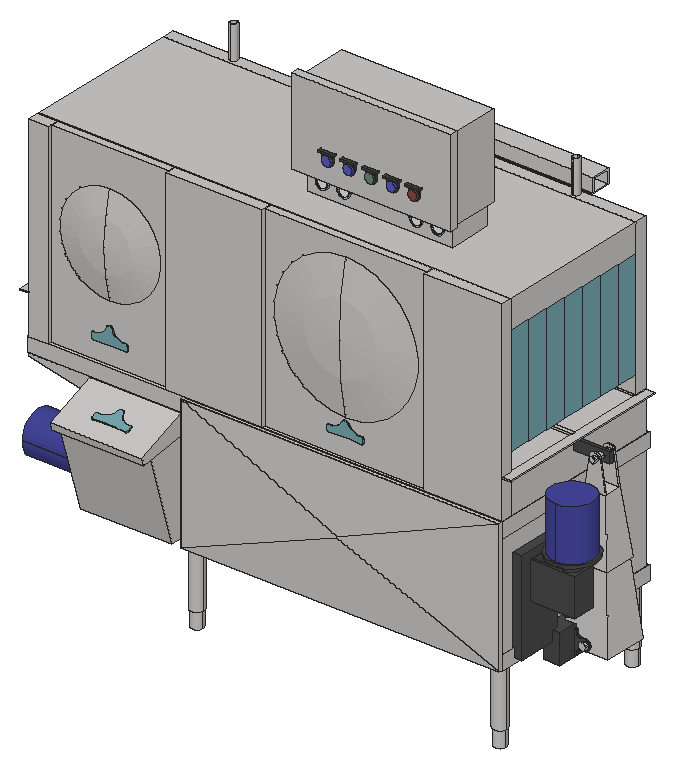
Revit family (continued)
Dimensions and locks (in)
  locked: plane 5 "RIGHT" to Extrusion 42 sketch curve at 1.375
  locked: plane 5 "RIGHT" to Extrusion 42 sketch curve at 7.625
  locked: plane 5 "RIGHT" to Extrusion 42 sketch curve at 6
  locked: plane 5 "RIGHT" to Extrusion 43 sketch curve at 6
  locked: plane 5 "RIGHT" to Extrusion 46 sketch curve at 6
  locked: plane 5 "RIGHT" to Extrusion 47 sketch curve at 6
  locked: plane 5 "RIGHT" to Blend 45 sketch curve at 6
  locked: Extrusion 58 sketch curve to plane 3 "BACK" at 0.75
  locked: plane 43 to plane 22 "Door Center" at 14.5
  locked: plane 43 to plane 44 at 29
  locked: plane 46 to plane 13 "Top of Machine" at 2
  locked: plane 45 to plane 3 "BACK" at 3
  Extrusion 61 sketch curve to plane 13 "Top of Machine" = 1' - 1"
  locked: plane 30 to Extrusion 61 sketch curve at 1
  Extrusion 62 sketch curve to plane 3 "BACK" = 0' - 3"
  locked: plane 47 to plane 3 "BACK" at 5
  locked: plane 48 to plane 13 "Top of Machine" at 29
  locked: plane 49 to plane 51 at 0.125
  locked: plane 52 to plane 50 at 3.875
  locked: plane 54 "LEFT" to plane 56 at 0.25
  "Width": plane 54 "LEFT" to plane 5 "RIGHT"
  locked: plane 53 "Left of Middle" to plane 54 "LEFT" at 0.125
  locked: plane 55 to plane 54 "LEFT" at 1.25
  "Single Door Opening": plane 58 to plane 57
  locked: Extrusion 78 sketch curve to plane 21 at 1.125
  plane 59 "Left of Bin" to plane 2 "Left of Bottom" = 1' - 0 15/16"
  locked: plane 60 to plane 53 "Left of Middle" at 2.5
  locked: plane 61 to level at 13.625
  locked: Extrusion 30 sketch curve to plane 22 "Door Center" at 1
  locked: plane 22 "Door Center" to Extrusion 35 sketch curve at 0.75
  locked: plane 22 "Door Center" to Extrusion 88 sketch curve at 6
  locked: plane 22 "Door Center" to Extrusion 31 sketch curve at 3
  locked: Extrusion 30 to Extrusion 32 sketch curve at 1
  locked: Extrusion 33 sketch curve to plane 22 "Door Center" at 3
  locked: Extrusion 34 sketch curve to plane 22 "Door Center" at 6
  locked: Extrusion 58 sketch curve to plane 5 "RIGHT" at 9
  locked: plane 54 "LEFT" to Extrusion 90 sketch curve at 28
  locked: plane 54 "LEFT" to Extrusion 91 sketch curve at 9
  locked: Extrusion 62 sketch curve to plane 5 "RIGHT" at 28
  locked: plane 62 to level at 8.5
  locked: plane 6 "FRONT" to plane 64 at 7
  locked: plane 49 to plane 54 "LEFT" at 10
  equal spacing: plane 23, plane 22 "Door Center", plane 24
  locked: plane 23 to plane 65 at 0.25
  locked: plane 66 to plane 24 at 0.25
  locked: plane 22 "Door Center" to plane 69 at 0.0625
  locked: plane 68 to plane 22 "Door Center" at 0.0625
  locked: plane 67 "Left Handle" to plane 22 "Door Center" at 1.4375
  locked: plane 22 "Door Center" to plane 70 "Right Handle" at 1.4375
  locked: plane 58 to plane 71 at 0.25
  locked: plane 73 to plane 57 at 0.125
  locked: plane 72 "Small Door Handle" to plane 57 at 1.4375
  locked: plane 13 "Top of Machine" to plane 74 "Top Hinge" at 3.0625
  locked: plane 74 "Top Hinge" to plane 75 at 3
  locked: plane 76 "Bottom Hinge" to plane 77 at 3
  locked: plane 75 to plane 76 "Bottom Hinge" at 13.625
  locked: plane 54 "LEFT" to plane 58 at 2.6875
  locked: plane 54 "LEFT" to Extrusion 93 sketch curve at 17.1875
  locked: Sweep 92 sketch curve to plane 54 "LEFT" at 11.5625
  aligned and locked: level to plane 1
  aligned and locked: Extrusion 1 sketch curve to plane 17
  aligned and locked: Extrusion 1 sketch curve to plane 18
  aligned and locked: plane 19 "Right of Bottom" to Extrusion 1 sketch curve
  aligned and locked: Extrusion 1 to plane 11 "Bottom of Machine"
  aligned and locked: plane 15 to Extrusion 1
  aligned and locked: plane 2 "Left of Bottom" to Extrusion 2 sketch curve
  aligned and locked: Extrusion 2 sketch curve to plane 5 "RIGHT"
  aligned and locked: plane 6 "FRONT" to Extrusion 2 sketch curve
  aligned and locked: plane 3 "BACK" to Extrusion 2 sketch curve
  aligned and locked: plane 14 "Panel Top" to Extrusion 2
  aligned and locked: Extrusion 2 to plane 15
  aligned and locked: plane 5 "RIGHT" to Extrusion 3 sketch curve
  aligned and locked: plane 6 "FRONT" to Extrusion 3 sketch curve
  aligned and locked: plane 8 "Right of Ledge" to Extrusion 3 sketch curve
  aligned and locked: plane 3 "BACK" to Extrusion 3 sketch curve
  aligned and locked: plane 3 "BACK" to Extrusion 4 sketch curve
  aligned and locked: Extrusion 4 sketch curve to plane 21
  aligned and locked: Extrusion 4 to plane 14 "Panel Top"
  aligned and locked: plane 3 "BACK" to Extrusion 5 sketch curve
  aligned and locked: plane 20 to Extrusion 5 sketch curve
  aligned and locked: Extrusion 6 sketch curve to plane 5 "RIGHT"
  aligned and locked: Extrusion 6 sketch curve to plane 21
  aligned and locked: Extrusion 6 sketch curve to plane 20
  aligned and locked: plane 3 "BACK" to Extrusion 7 sketch curve
  aligned and locked: plane 20 to Extrusion 7 sketch curve
  aligned and locked: Extrusion 7 sketch curve to plane 5 "RIGHT"
  aligned and locked: Extrusion 7 to plane 12 "Table Height"
  aligned and locked: Extrusion 6 to plane 25 "Top of Opening"
  aligned and locked: Extrusion 8 sketch curve to plane 23
  aligned and locked: plane 14 "Panel Top" to Extrusion 8 sketch curve
  aligned and locked: Extrusion 8 to plane 21
  aligned and locked: Extrusion 8 sketch curve to plane 13 "Top of Machine"
  aligned and locked: plane 2 "Left of Bottom" to Blend 9 sketch curve
  aligned and locked: plane 11 "Bottom of Machine" to Blend 9 sketch curve
  aligned and locked: Blend 9 sketch curve to plane 14 "Panel Top"
  aligned and locked: Blend 9 sketch curve to plane 5 "RIGHT"
  aligned and locked: plane 6 "FRONT" to Extrusion 1 sketch curve
  aligned and locked: plane 2 "Left of Bottom" to Extrusion 10 sketch curve
  aligned and locked: Extrusion 10 sketch curve to plane 6 "FRONT"
  aligned and locked: plane 16 to Extrusion 10 sketch curve
  aligned and locked: Extrusion 10 sketch curve to plane 5 "RIGHT"
  aligned and locked: Extrusion 10 to plane 11 "Bottom of Machine"
  aligned and locked: plane 14 "Panel Top" to Extrusion 10
  aligned and locked: plane 24 to Extrusion 11 sketch curve
  aligned and locked: Extrusion 11 sketch curve to plane 13 "Top of Machine"
  aligned and locked: Extrusion 11 sketch curve to plane 5 "RIGHT"
  aligned and locked: plane 14 "Panel Top" to Extrusion 11 sketch curve
  aligned and locked: Extrusion 11 to plane 21
  aligned and locked: Extrusion 12 sketch curve to plane 24
  aligned and locked: plane 21 to Extrusion 12 sketch curve
  aligned and locked: plane 23 to Extrusion 12 sketch curve
  aligned and locked: Extrusion 12 to plane 14 "Panel Top"
  aligned and locked: plane 26 to Extrusion 14
  aligned and locked: Extrusion 15 to plane 26
  aligned and locked: plane 11 "Bottom of Machine" to Extrusion 15
  aligned and locked: plane 21 to Extrusion 22 sketch curve
  aligned and locked: plane 5 "RIGHT" to Extrusion 22 sketch curve  (x7)
  aligned and locked: plane 20 to Extrusion 22 sketch curve
  aligned and locked: Extrusion 23 sketch curve to plane 32
  aligned and locked: plane 31 "Front of Lower Panel" to Extrusion 23 sketch curve
  aligned and locked: plane 27 to Extrusion 23 sketch curve
  aligned and locked: plane 28 to Extrusion 23 sketch curve
  aligned and locked: Extrusion 24 sketch curve to plane 34 "Back of Panel"
  aligned and locked: plane 33 to Extrusion 24 sketch curve
  aligned and locked: plane 36 to Extrusion 24 sketch curve
  aligned and locked: Extrusion 24 sketch curve to plane 37
  aligned and locked: Extrusion 25 sketch curve to plane 33
  aligned and locked: plane 35 "Front of Upper Panel" to Extrusion 25 sketch curve
  aligned and locked: plane 29 to Extrusion 25 sketch curve
  aligned and locked: Extrusion 25 sketch curve to plane 30
  aligned and locked: Extrusion 27 sketch curve to Extrusion 26  (x2)
  aligned and locked: Extrusion 29 sketch curve to Extrusion 28  (x2)
  aligned and locked: Extrusion 37 sketch curve to plane 13 "Top of Machine"
  aligned and locked: Extrusion 37 sketch curve to plane 6 "FRONT"
  aligned and locked: plane 21 to Extrusion 37 sketch curve
  aligned and locked: plane 20 to Extrusion 37 sketch curve
  aligned and locked: plane 3 "BACK" to Extrusion 37 sketch curve
  aligned and locked: plane 6 "FRONT" to Extrusion 38 sketch curve
  aligned and locked: Extrusion 38 sketch curve to plane 13 "Top of Machine"
  aligned and locked: plane 3 "BACK" to Extrusion 38 sketch curve
  aligned and locked: plane 20 to Extrusion 38 sketch curve
  aligned and locked: plane 25 "Top of Opening" to Extrusion 38 sketch curve
  aligned and locked: plane 21 to Extrusion 38 sketch curve
  aligned and locked: Extrusion 38 to plane 38
  aligned and locked: plane 38 to Extrusion 37
  aligned and locked: Extrusion 39 sketch curve to plane 10
  aligned and locked: plane 39 to Extrusion 39 sketch curve
  aligned and locked: plane 40 to Extrusion 39 sketch curve
  aligned and locked: Extrusion 39 sketch curve to plane 41
  aligned and locked: Extrusion 40 sketch curve to Extrusion 39  (x4)
  aligned and locked: Extrusion 44 sketch curve to Extrusion 42
  aligned and locked: Blend 45 sketch curve to Extrusion 44  (x2)
  aligned and locked: Extrusion 54 sketch curve to Extrusion 52  (x2)
  aligned and locked: Extrusion 41 to plane 5 "RIGHT"
  aligned and locked: Extrusion 48 to plane 5 "RIGHT"
  aligned: nested 1 to cut or joined group of Extrusion 37, Extrusion 40
  aligned and locked: plane 10 to nested 1
  aligned and locked: plane 39 to nested 1
  aligned and locked: plane 41 to nested 1
  aligned and locked: nested 1 to plane 40
  aligned and locked: Extrusion 59 to plane 43
  aligned and locked: Extrusion 59 to plane 44
  aligned and locked: Extrusion 60 to plane 44
  aligned and locked: Extrusion 60 to plane 43
  aligned and locked: plane 3 "BACK" to curve 1
  aligned and locked: curve 3 to plane 5 "RIGHT"
  aligned and locked: plane 6 "FRONT" to curve 2
  aligned and locked: curve 5 to plane 9 "Right End Cowl"
  aligned and locked: plane 43 to curve 7
  aligned and locked: plane 44 to curve 9
  aligned and locked: curve 8 to plane 45
  aligned and locked: plane 8 "Right of Ledge" to curve 10
  aligned and locked: curve 11 to plane 34 "Back of Panel"
  aligned and locked: plane 33 to curve 13
  aligned and locked: plane 36 to curve 12
  aligned and locked: curve 14 to plane 37
  aligned and locked: plane 29 to curve 18
  aligned and locked: plane 35 "Front of Upper Panel" to curve 17
  aligned and locked: curve 16 to plane 30
  aligned and locked: plane 41 to curve 22
  aligned and locked: curve 23 to plane 39
  aligned and locked: plane 10 to curve 21
  aligned and locked: curve 20 to plane 40
  aligned and locked: Extrusion 63 sketch curve to plane 17  (x2)
  aligned and locked: plane 47 to Extrusion 63 sketch curve
  aligned and locked: plane 44 to Extrusion 63 sketch curve
  aligned and locked: Extrusion 63 sketch curve to plane 45
  aligned and locked: plane 43 to Extrusion 63 sketch curve
  aligned: plane 42 "Top of Vents" to Extrusion 63
  aligned and locked: plane 4 "TOP" to Extrusion 63
  aligned and locked: plane 13 "Top of Machine" to Extrusion 64 sketch curve
  aligned and locked: Extrusion 64 sketch curve to plane 24
  aligned and locked: plane 23 to Extrusion 64 sketch curve
  aligned and locked: Extrusion 64 sketch curve to plane 48
  aligned and locked: Extrusion 64 to plane 21
  aligned and locked: Extrusion 63 sketch curve to plane 8 "Right of Ledge"
  aligned and locked: Extrusion 65 sketch curve to plane 47
  aligned and locked: Extrusion 65 sketch curve to plane 8 "Right of Ledge"
  aligned and locked: plane 17 to Extrusion 65 sketch curve
  aligned and locked: Extrusion 65 sketch curve to plane 9 "Right End Cowl"
  aligned and locked: plane 4 "TOP" to Extrusion 65
  aligned and locked: curve 26 to plane 9 "Right End Cowl"
  aligned and locked: curve 25 to plane 47
  aligned and locked: Extrusion 67 sketch curve to Extrusion 66  (x2)
  aligned and locked: Extrusion 69 sketch curve to Extrusion 68  (x2)
  aligned and locked: Extrusion 70 to plane 51
  aligned and locked: plane 51 to Extrusion 71
  aligned and locked: plane 52 to Extrusion 72 sketch curve
  aligned and locked: Extrusion 72 sketch curve to plane 50
  aligned and locked: curve 27 to plane 49
  aligned and locked: curve 31 to plane 50
  aligned and locked: plane 52 to curve 29
  aligned and locked: plane 49 to Extrusion 73 sketch curve
  aligned and locked: plane 49 to curve 32
  aligned and locked: Extrusion 74 sketch curve to plane 55
  aligned and locked: plane 6 "FRONT" to Extrusion 75 sketch curve
  aligned and locked: Extrusion 75 sketch curve to plane 17
  aligned and locked: plane 19 "Right of Bottom" to Extrusion 75 sketch curve
  aligned and locked: plane 14 "Panel Top" to Extrusion 75
  aligned and locked: Extrusion 75 sketch curve to plane 53 "Left of Middle"
  aligned and locked: plane 54 "LEFT" to Extrusion 7 sketch curve
  aligned and locked: plane 54 "LEFT" to Extrusion 6 sketch curve
  aligned and locked: Extrusion 4 sketch curve to plane 5 "RIGHT"
  aligned and locked: plane 54 "LEFT" to Extrusion 4 sketch curve
  aligned and locked: Extrusion 5 sketch curve to plane 5 "RIGHT"
  aligned and locked: plane 54 "LEFT" to Extrusion 5 sketch curve
  aligned and locked: plane 57 to Extrusion 8 sketch curve
  aligned and locked: plane 54 "LEFT" to Extrusion 77 sketch curve
  aligned and locked: Extrusion 77 sketch curve to plane 13 "Top of Machine"
  aligned and locked: Extrusion 77 sketch curve to plane 58
  aligned and locked: plane 14 "Panel Top" to Extrusion 77 sketch curve
  aligned and locked: Extrusion 77 to plane 21
  aligned and locked: Extrusion 77 to plane 6 "FRONT"
  aligned and locked: plane 13 "Top of Machine" to Extrusion 81 sketch curve
  aligned and locked: Extrusion 81 sketch curve to plane 57
  aligned and locked: plane 58 to Extrusion 81 sketch curve
  aligned and locked: Extrusion 81 sketch curve to plane 48
  aligned and locked: Extrusion 81 to plane 21
  aligned and locked: plane 58 to Extrusion 78 sketch curve
  aligned and locked: Extrusion 78 sketch curve to plane 57
  aligned and locked: plane 21 to Extrusion 78 sketch curve
  aligned and locked: Extrusion 78 to plane 14 "Panel Top"
  aligned and locked: plane 13 "Top of Machine" to Extrusion 78
  aligned and locked: plane 18 to Extrusion 82 sketch curve
  aligned and locked: plane 59 "Left of Bin" to Extrusion 82 sketch curve
  aligned and locked: Extrusion 82 to plane 3 "BACK"
  aligned and locked: plane 60 to Extrusion 87
  aligned and locked: Extrusion 94 sketch curve to Extrusion 93  (x2)
  aligned and locked: Extrusion 95 sketch curve to Extrusion 62  (x2)
  aligned and locked: plane 55 to Extrusion 73
  aligned and locked: Extrusion 63 to plane 55
  aligned and locked: plane 21 to Extrusion 97 sketch curve
  aligned and locked: plane 71 to Extrusion 97 sketch curve
  aligned and locked: plane 6 "FRONT" to Extrusion 97 sketch curve
  aligned and locked: Extrusion 97 sketch curve to plane 73
  aligned and locked: plane 65 to Extrusion 98 sketch curve
  aligned and locked: Extrusion 98 sketch curve to plane 68
  aligned and locked: plane 21 to Extrusion 98 sketch curve
  aligned and locked: plane 6 "FRONT" to Extrusion 98 sketch curve
  aligned and locked: plane 69 to Extrusion 99 sketch curve
  aligned and locked: Extrusion 99 sketch curve to plane 66
  aligned and locked: plane 21 to Extrusion 99 sketch curve
  aligned and locked: plane 6 "FRONT" to Extrusion 99 sketch curve
  aligned and locked: Extrusion 97 to plane 14 "Panel Top"
  aligned and locked: Extrusion 98 to plane 14 "Panel Top"
  aligned and locked: Extrusion 99 to plane 14 "Panel Top"
  aligned and locked: curve 58 to plane 58
  aligned and locked: curve 60 to plane 23
  aligned and locked: curve 64 to plane 24
Automatic sketch dimensions
  plane 61 to Blend 9 sketch curve = 0' - 5 19/32"
  Blend 9 sketch curve to Blend 9 sketch curve = 0' - 0 1/16"
  Revolve 13 sketch curve to plane 16 = 0' - 0"
  Revolve 13 sketch curve to plane 64 = 0' - 4 1/4"
  plane 41 to Revolve 13 sketch curve = 0' - 0 7/16"
  plane 31 "Front of Lower Panel" to Revolve 13 sketch curve = 0' - 2 3/4"
  Revolve 13 sketch curve to plane 75 = 0' - 5.68743"
  plane 47 to Revolve 13 sketch curve = 1' - 5.49935"
  Revolve 13 sketch curve to plane 75 = 0' - 5 15/16"  (x2)
  plane 70 "Right Handle" to Extrusion 30 sketch curve = 0' - 0 9/16"
  Extrusion 30 sketch curve to Extrusion 30 sketch curve = 0' - 2"  (x4)
  Extrusion 30 sketch curve to Extrusion 30 sketch curve = 0' - 1"  (x2)
  plane 67 "Left Handle" to Extrusion 30 sketch curve = 0' - 0 7/16"
  Extrusion 30 sketch curve to plane 67 "Left Handle" = 0' - 0 9/16"
  plane 42 "Top of Vents" to Extrusion 30 sketch curve = 0' - 2 3/4"  (x3)
  Extrusion 30 sketch curve to Extrusion 30 sketch curve = 0' - 0"  (x2)
  Extrusion 30 sketch curve to Extrusion 30 sketch curve = 0' - 0 1/4"  (x5)
  Extrusion 35 sketch curve to plane 22 "Door Center" = 0' - 0"
  plane 70 "Right Handle" to Extrusion 35 sketch curve = 0' - 0 13/16"
  Extrusion 35 sketch curve to Extrusion 35 sketch curve = 0' - 0 3/4"  (x4)
  Extrusion 35 sketch curve to Extrusion 35 sketch curve = 0' - 1 1/2"  (x2)
  Extrusion 35 sketch curve to plane 67 "Left Handle" = 0' - 0 13/16"
  Extrusion 35 sketch curve to Extrusion 35 sketch curve = 0' - 0"
  plane 42 "Top of Vents" to Extrusion 35 sketch curve = 0' - 1 7/8"  (x3)
  Extrusion 35 sketch curve to Extrusion 35 sketch curve = 0' - 0 7/8"  (x5)
  Extrusion 36 sketch curve to plane 22 "Door Center" = 0' - 0"
  plane 22 "Door Center" to Extrusion 36 sketch curve = 0' - 0.00035"
  plane 77 to Extrusion 36 sketch curve = 0' - 0.06267"
  plane 69 to Extrusion 36 sketch curve = 0' - 0.35719"
  plane 69 to Extrusion 36 sketch curve = 0' - 0.54876"
  plane 70 "Right Handle" to Extrusion 36 sketch curve = 0' - 0.50556"
  plane 70 "Right Handle" to Extrusion 36 sketch curve = 0' - 0.8056"
  Extrusion 36 sketch curve to Extrusion 36 sketch curve = 0' - 0.00341"  (x2)
  Extrusion 36 sketch curve to Extrusion 36 sketch curve = 0' - 0.25142"  (x2)
  plane 77 to Extrusion 36 sketch curve = 0' - 0.053"
  Extrusion 36 sketch curve to plane 68 = 0' - 0.54876"
  Extrusion 36 sketch curve to plane 67 "Left Handle" = 0' - 0.50556"
  Extrusion 36 sketch curve to plane 67 "Left Handle" = 0' - 0.8056"
  Extrusion 36 sketch curve to Extrusion 36 sketch curve = 0' - 0.93591"
  Extrusion 36 sketch curve to plane 77 = 0' - 0.87324"
  Extrusion 36 sketch curve to Extrusion 36 sketch curve = 0' - 0.48493"  (x2)
  Extrusion 36 sketch curve to Extrusion 36 sketch curve = 0' - 0.08323"
  plane 61 to Extrusion 36 sketch curve = 0' - 5.0469"
  Extrusion 39 sketch curve to plane 41 = 0' - 0 1/8"
  plane 40 to Extrusion 39 sketch curve = 0' - 0 1/8"
  Extrusion 39 sketch curve to plane 10 = 0' - 0 1/8"
  plane 39 to Extrusion 39 sketch curve = 0' - 0 1/8"
  Extrusion 43 sketch curve to plane 35 "Front of Upper Panel" = 0' - 0 3/16"
  Blend 45 sketch curve to plane 35 "Front of Upper Panel" = 0' - 0 3/16"
  Extrusion 46 sketch curve to plane 35 "Front of Upper Panel" = 0' - 0 3/16"
  Extrusion 47 sketch curve to plane 35 "Front of Upper Panel" = 0' - 0 3/16"
  Blend 55 sketch curve to plane 8 "Right of Ledge" = 0' - 0 5/16"
  Blend 55 sketch curve to plane 32 = 0' - 2 1/4"
  plane 34 "Back of Panel" to Blend 55 sketch curve = 0' - 1 3/4"
  Blend 55 sketch curve to plane 39 = 0' - 0 1/4"
  Blend 55 sketch curve to plane 10 = 0' - 0 1/4"
  Blend 55 sketch curve to plane 32 = 0' - 1 1/4"
  plane 34 "Back of Panel" to Blend 55 sketch curve = 0' - 0 3/4"
  Blend 55 sketch curve to plane 39 = 0' - 1 1/4"
  plane 39 to Blend 56 sketch curve = 0' - 0 1/2"
  plane 31 "Front of Lower Panel" to Blend 56 sketch curve = 0' - 3"
  plane 34 "Back of Panel" to Blend 56 sketch curve = 0' - 2 1/2"
  plane 8 "Right of Ledge" to Blend 56 sketch curve = 0' - 0 7/16"
  Blend 56 sketch curve to plane 8 "Right of Ledge" = 0' - 0 9/16"
  Blend 56 sketch curve to plane 32 = 0' - 2"
  plane 34 "Back of Panel" to Blend 56 sketch curve = 0' - 1 1/2"
  Blend 56 sketch curve to plane 39 = 0' - 0 1/2"
  Extrusion 66 sketch curve to Extrusion 66 sketch curve = 0' - 0"  (x2)
  Extrusion 66 sketch curve to plane 46 = 0' - 0 1/4"
  Extrusion 66 sketch curve to plane 67 "Left Handle" = 0' - 3 9/16"
  Extrusion 68 sketch curve to Extrusion 68 sketch curve = 0' - 0"  (x2)
  plane 46 to Extrusion 68 sketch curve = 0' - 0 1/4"
  Extrusion 68 sketch curve to plane 70 "Right Handle" = 0' - 3 9/16"
  Extrusion 72 sketch curve to plane 41 = 0' - 0"
  Extrusion 72 sketch curve to plane 40 = 0' - 0"
  plane 41 to Extrusion 72 sketch curve = 0' - 0 1/8"
  Extrusion 72 sketch curve to plane 40 = 0' - 0 1/8"
  Extrusion 72 sketch curve to plane 50 = 0' - 0 1/8"
  plane 52 to Extrusion 72 sketch curve = 0' - 0 1/8"
  Revolve 79 sketch curve to plane 16 = 0' - 0"
  Revolve 79 sketch curve to plane 64 = 0' - 4 1/4"
  plane 41 to Revolve 79 sketch curve = 0' - 0 7/16"
  plane 31 "Front of Lower Panel" to Revolve 79 sketch curve = 0' - 2 3/4"
  Revolve 79 sketch curve to plane 17 = 0' - 0.00039"
  Revolve 79 sketch curve to plane 75 = 0' - 6.0803"
  Revolve 79 sketch curve to plane 75 = 0' - 5 15/16"  (x2)
  Extrusion 85 sketch curve to Extrusion 85 sketch curve = 0' - 0.25483"
  Extrusion 85 sketch curve to Extrusion 85 sketch curve = 0' - 1.63184"  (x2)
  Extrusion 85 sketch curve to Extrusion 85 sketch curve = 0' - 0.41934"
  Extrusion 85 sketch curve to Extrusion 85 sketch curve = 0' - 0.42496"
  Extrusion 85 sketch curve to Extrusion 85 sketch curve = 0' - 0"  (x2)
  Extrusion 85 sketch curve to Extrusion 85 sketch curve = 0' - 1.22253"
  Extrusion 85 sketch curve to Extrusion 85 sketch curve = 0' - 1.51845"
  Extrusion 85 sketch curve to Extrusion 85 sketch curve = 0' - 0.00341"
  Extrusion 85 sketch curve to Extrusion 85 sketch curve = 0' - 0.25142"  (x2)
  Extrusion 85 sketch curve to Extrusion 85 sketch curve = 0' - 11.90119"
  Extrusion 85 sketch curve to Extrusion 85 sketch curve = 0' - 0.08323"
  Extrusion 85 sketch curve to Extrusion 85 sketch curve = 0' - 0.48493"  (x2)
  Extrusion 85 sketch curve to Extrusion 85 sketch curve = 0' - 1.96861"
  Extrusion 86 sketch curve to plane 35 "Front of Upper Panel" = 0' - 0"
  Extrusion 86 sketch curve to plane 61 = 0' - 0"
  Extrusion 87 sketch curve to plane 35 "Front of Upper Panel" = 0' - 0"
  Extrusion 87 sketch curve to plane 61 = 0' - 0"
  plane 42 "Top of Vents" to Extrusion 88 sketch curve = 0' - 1 7/8"
  Extrusion 90 sketch curve to Extrusion 90 sketch curve = 0' - 0"  (x2)
  Extrusion 90 sketch curve to plane 40 = 0' - 0 11/16"
  Extrusion 91 sketch curve to Extrusion 91 sketch curve = 0' - 0"  (x2)
  Extrusion 91 sketch curve to plane 40 = 0' - 0 11/16"
  Extrusion 93 sketch curve to Extrusion 93 sketch curve = 0' - 0"  (x2)
  Extrusion 93 sketch curve to plane 63 "Drain" = 0' - 1"
  plane 41 to Extrusion 96 sketch curve = 0' - 0 1/8"
  Extrusion 96 sketch curve to plane 40 = 0' - 0 1/8"
  Extrusion 96 sketch curve to plane 50 = 0' - 0 1/8"
  plane 52 to Extrusion 96 sketch curve = 0' - 0 1/8"
  curve 24 to plane 55 = 0' - 0"
  curve 36 to plane 6 "FRONT" = 0' - 0"
  curve 36 to plane 54 "LEFT" = 0' - 0"
  curve 37 to plane 6 "FRONT" = 0' - 0"
  curve 37 to plane 58 = 0' - 0"
  curve 41 to plane 59 "Left of Bin" = 0' - 0"
  curve 40 to plane 57 = 0' - 0"
  curve 43 to plane 18 = 0' - 0"
  plane 21 to curve 44 = 0' - 0"
  curve 44 to plane 23 = 0' - 0"
  curve 47 to plane 24 = 0' - 0"
  curve 25 to plane 8 "Right of Ledge" = 0' - 0"
  curve 42 to plane 64 = 0' - 0"
  curve 46 to plane 6 "FRONT" = 0' - 0"
  curve 39 to plane 6 "FRONT" = 0' - 0"
  curve 43 to plane 6 "FRONT" = 0' - 0"
  curve 44 to plane 6 "FRONT" = 0' - 0"
  curve 41 to plane 6 "FRONT" = 0' - 0"
  plane 21 to curve 38 = 0' - 0"
  plane 3 "BACK" to curve 36 = 0' - 0"
  curve 26 to plane 17 = 0' - 0"
  curve 32 to plane 17 = 0' - 0"
  plane 41 to curve 47 = 0' - 0 7/16"
  plane 41 to curve 40 = 0' - 0 7/16"
  Extrusion 5 sketch curve to plane 5 "RIGHT" = 0' - 0"
  Extrusion 5 sketch curve to plane 54 "LEFT" = 0' - 0"
  plane 32 to Extrusion 5 sketch curve = 0' - 0 1/4"
  Extrusion 5 sketch curve to plane 32 = 0' - 0 1/4"
  Extrusion 22 sketch curve to plane 35 "Front of Upper Panel" = 0' - 0 3/8"
  Extrusion 22 sketch curve to Extrusion 22 sketch curve = 0' - 0 1/8"  (x10)
  plane 31 "Front of Lower Panel" to Extrusion 22 sketch curve = 0' - 1 1/4"
  Extrusion 22 sketch curve to plane 32 = 0' - 1 5/8"
  Extrusion 22 sketch curve to plane 5 "RIGHT" = 0' - 0 1/8"  (x3)
  plane 34 "Back of Panel" to Extrusion 22 sketch curve = 0' - 1"
  Extrusion 22 sketch curve to Extrusion 22 sketch curve = 0' - 3"
  Extrusion 22 sketch curve to plane 63 "Drain" = 0' - 2 3/4"
  Extrusion 26 sketch curve to Extrusion 26 sketch curve = 0' - 0"  (x2)
  Extrusion 28 sketch curve to Extrusion 28 sketch curve = 0' - 0"  (x2)
  Extrusion 37 sketch curve to plane 40 = 0' - 0 1/16"
  plane 41 to Extrusion 37 sketch curve = 0' - 0 1/16"
  Extrusion 37 sketch curve to plane 13 "Top of Machine" = 0' - 0 1/8"
  Extrusion 37 sketch curve to plane 25 "Top of Opening" = 0' - 0.88572"
  Extrusion 37 sketch curve to Extrusion 37 sketch curve = 0' - 0.05178"  (x2)
  Extrusion 37 sketch curve to plane 75 = 0' - 0.32322"
  Extrusion 37 sketch curve to Extrusion 37 sketch curve = 0' - 0.17678"  (x2)
  plane 76 "Bottom Hinge" to Extrusion 37 sketch curve = 0' - 3.73928"
  Extrusion 37 sketch curve to Extrusion 37 sketch curve = 0' - 1 1/2"
  Extrusion 38 sketch curve to plane 25 "Top of Opening" = 0' - 0 15/16"
  Extrusion 38 sketch curve to plane 75 = 0' - 0 1/2"
  plane 76 "Bottom Hinge" to Extrusion 38 sketch curve = 0' - 3 11/16"
  plane 76 "Bottom Hinge" to Extrusion 38 sketch curve = 0' - 2 1/16"
  plane 19 "Right of Bottom" to Extrusion 41 sketch curve = 0' - 0"
  Extrusion 41 sketch curve to plane 5 "RIGHT" = 0' - 0"
  Extrusion 41 sketch curve to plane 15 = 0' - 0"
  plane 11 "Bottom of Machine" to Extrusion 41 sketch curve = 0' - 0 15/16"
  Extrusion 41 sketch curve to plane 14 "Panel Top" = 0' - 4 9/16"
  Extrusion 42 sketch curve to plane 21 = 0' - 1 5/8"
  Extrusion 42 sketch curve to plane 39 = 0' - 0 11/16"
  Extrusion 42 sketch curve to plane 35 "Front of Upper Panel" = 0' - 1 1/2"
  Extrusion 42 sketch curve to plane 35 "Front of Upper Panel" = 0' - 0 3/16"
  Extrusion 42 sketch curve to plane 31 "Front of Lower Panel" = 0' - 0 1/8"
  Extrusion 42 sketch curve to Extrusion 42 sketch curve = 0' - 0 1/4"
  Extrusion 48 sketch curve to plane 77 = 0' - 0"
  Extrusion 48 sketch curve to plane 5 "RIGHT" = 0' - 0"
  plane 10 to Extrusion 48 sketch curve = 0' - 1 3/16"
  Extrusion 48 sketch curve to plane 39 = 0' - 1 7/16"
  Extrusion 48 sketch curve to plane 77 = 0' - 0 3/4"
  Extrusion 48 sketch curve to plane 12 "Table Height" = 0' - 0 7/16"
  Extrusion 49 sketch curve to plane 15 = 0' - 0"
  plane 19 "Right of Bottom" to Extrusion 49 sketch curve = 0' - 0"
  Extrusion 49 sketch curve to plane 5 "RIGHT" = 0' - 0"
  Extrusion 49 sketch curve to plane 10 = 0' - 0 5/16"
  Extrusion 49 sketch curve to plane 62 = 0' - 0 1/16"
  plane 15 to Extrusion 49 sketch curve = 0' - 0 7/16"
  Extrusion 50 sketch curve to Extrusion 50 sketch curve = 0' - 0"  (x2)
  plane 11 "Bottom of Machine" to Extrusion 50 sketch curve = 0' - 0 7/16"
  plane 10 to Extrusion 50 sketch curve = 0' - 1 3/16"
  plane 10 to Extrusion 50 sketch curve = 0' - 0 9/16"  (x2)
  Extrusion 50 sketch curve to plane 11 "Bottom of Machine" = 0' - 0 5/16"
  plane 10 to Extrusion 50 sketch curve = 0' - 0 3/16"  (x2)
  Extrusion 50 sketch curve to plane 10 = 0' - 0 1/16"  (x2)
  Extrusion 50 sketch curve to Extrusion 50 sketch curve = 0' - 0 1/4"
  Extrusion 50 sketch curve to Extrusion 50 sketch curve = 0' - 0 5/16"
  Extrusion 50 sketch curve to plane 15 = 0' - 0 1/8"
  Extrusion 51 sketch curve to Extrusion 51 sketch curve = 0' - 0"  (x2)
  plane 11 "Bottom of Machine" to Extrusion 51 sketch curve = 0' - 0 7/16"
  plane 10 to Extrusion 51 sketch curve = 0' - 1 3/16"
  plane 10 to Extrusion 51 sketch curve = 0' - 0 9/16"  (x2)
  Extrusion 51 sketch curve to plane 11 "Bottom of Machine" = 0' - 0 5/16"
  plane 10 to Extrusion 51 sketch curve = 0' - 0 3/16"  (x2)
  Extrusion 51 sketch curve to plane 10 = 0' - 0 1/16"  (x2)
  Extrusion 51 sketch curve to Extrusion 51 sketch curve = 0' - 0 1/4"
  Extrusion 51 sketch curve to Extrusion 51 sketch curve = 0' - 0 5/16"
  Extrusion 51 sketch curve to plane 15 = 0' - 0 1/8"
  Extrusion 52 sketch curve to Extrusion 52 sketch curve = 0' - 0"  (x6)
  Extrusion 52 sketch curve to plane 77 = 0' - 0"
  plane 14 "Panel Top" to Extrusion 52 sketch curve = 0' - 0 3/16"
  Extrusion 52 sketch curve to plane 39 = 0' - 1 1/4"
  plane 77 to Extrusion 52 sketch curve = 0' - 0.13295"  (x2)
  plane 10 to Extrusion 52 sketch curve = 0' - 1.92562"
  Extrusion 52 sketch curve to Extrusion 52 sketch curve = 0' - 0.36312"
  Extrusion 52 sketch curve to Extrusion 52 sketch curve = 0' - 0 3/8"
  Extrusion 52 sketch curve to plane 10 = 0' - 0 1/4"
  Extrusion 53 sketch curve to Extrusion 53 sketch curve = 0' - 0"  (x6)
  Extrusion 53 sketch curve to plane 77 = 0' - 0"
  plane 14 "Panel Top" to Extrusion 53 sketch curve = 0' - 0 3/16"
  Extrusion 53 sketch curve to plane 39 = 0' - 1 1/4"
  plane 77 to Extrusion 53 sketch curve = 0' - 0.13295"  (x2)
  plane 10 to Extrusion 53 sketch curve = 0' - 1.92562"
  Extrusion 53 sketch curve to Extrusion 53 sketch curve = 0' - 0.36312"
  Extrusion 53 sketch curve to Extrusion 53 sketch curve = 0' - 0 3/8"
  Extrusion 53 sketch curve to plane 10 = 0' - 0 1/4"
  Extrusion 57 sketch curve to Extrusion 57 sketch curve = 0' - 0"  (x2)
  plane 11 "Bottom of Machine" to Extrusion 57 sketch curve = 0' - 0 7/16"
  plane 10 to Extrusion 57 sketch curve = 0' - 1 11/16"
  Extrusion 57 sketch curve to Extrusion 57 sketch curve = 0' - 0 1/2"
  Extrusion 58 sketch curve to Extrusion 58 sketch curve = 0' - 0"  (x2)
  Extrusion 59 sketch curve to plane 46 = 0' - 0"
  Extrusion 59 sketch curve to plane 13 "Top of Machine" = 0' - 0"
  Extrusion 59 sketch curve to plane 45 = 0' - 0"
  Extrusion 59 sketch curve to plane 45 = 0' - 0 1/8"
  Extrusion 59 sketch curve to plane 17 = 0' - 0 1/8"
  Extrusion 59 sketch curve to Extrusion 59 sketch curve = 0' - 0 1/8"
  plane 13 "Top of Machine" to Extrusion 59 sketch curve = 0' - 0 1/8"
  Extrusion 59 sketch curve to plane 46 = 0' - 0 1/8"
  Extrusion 60 sketch curve to plane 3 "BACK" = 0' - 0"
  Extrusion 60 sketch curve to plane 13 "Top of Machine" = 0' - 0"
  Extrusion 60 sketch curve to plane 3 "BACK" = 0' - 0 1/4"
  Extrusion 60 sketch curve to Extrusion 60 sketch curve = 0' - 0 1/8"
  Extrusion 62 sketch curve to Extrusion 62 sketch curve = 0' - 0"  (x2)
  curve 35 to plane 6 "FRONT" = 0' - 0"
  curve 3 to plane 6 "FRONT" = 0' - 0"
  curve 30 to plane 41 = 0' - 0"
  curve 29 to plane 40 = 0' - 0"
  plane 3 "BACK" to curve 34 = 0' - 0"
  plane 3 "BACK" to curve 3 = 0' - 0"
  curve 34 to plane 54 "LEFT" = 0' - 0"
  curve 35 to plane 54 "LEFT" = 0' - 0"
  curve 2 to plane 55 = 0' - 0"
  curve 1 to plane 55 = 0' - 0"
  Extrusion 63 sketch curve to plane 55 = 0' - 0"
  Extrusion 70 sketch curve to plane 6 "FRONT" = 0' - 0"
  Extrusion 70 sketch curve to plane 21 = 0' - 0"
  Extrusion 70 sketch curve to plane 20 = 0' - 0"
  Extrusion 70 sketch curve to plane 3 "BACK" = 0' - 0"
  Extrusion 70 sketch curve to plane 13 "Top of Machine" = 0' - 0"
  plane 41 to Extrusion 70 sketch curve = 0' - 0 1/16"
  Extrusion 70 sketch curve to plane 40 = 0' - 0 1/16"
  Extrusion 70 sketch curve to plane 13 "Top of Machine" = 0' - 0 1/8"
  Extrusion 70 sketch curve to plane 25 "Top of Opening" = 0' - 0.88572"
  Extrusion 70 sketch curve to Extrusion 70 sketch curve = 0' - 0.05178"  (x2)
  Extrusion 70 sketch curve to plane 75 = 0' - 0.32322"
  Extrusion 70 sketch curve to Extrusion 70 sketch curve = 0' - 0.17678"  (x2)
  plane 76 "Bottom Hinge" to Extrusion 70 sketch curve = 0' - 3.73928"
  Extrusion 70 sketch curve to Extrusion 70 sketch curve = 0' - 1 1/2"
  Extrusion 71 sketch curve to plane 6 "FRONT" = 0' - 0"
  Extrusion 71 sketch curve to plane 21 = 0' - 0"
  Extrusion 71 sketch curve to plane 20 = 0' - 0"
  Extrusion 71 sketch curve to plane 3 "BACK" = 0' - 0"
  Extrusion 71 sketch curve to plane 25 "Top of Opening" = 0' - 0"
  Extrusion 71 sketch curve to plane 13 "Top of Machine" = 0' - 0"
  Extrusion 71 sketch curve to plane 25 "Top of Opening" = 0' - 0 15/16"
  Extrusion 71 sketch curve to plane 75 = 0' - 0 1/2"
  plane 76 "Bottom Hinge" to Extrusion 71 sketch curve = 0' - 3 11/16"
  plane 76 "Bottom Hinge" to Extrusion 71 sketch curve = 0' - 2 1/16"
  Extrusion 73 sketch curve to plane 17 = 0' - 0"
  Extrusion 73 sketch curve to plane 55 = 0' - 0"
  Extrusion 73 sketch curve to plane 47 = 0' - 0"
  Extrusion 74 sketch curve to plane 6 "FRONT" = 0' - 0"
  plane 3 "BACK" to Extrusion 74 sketch curve = 0' - 0"
  Extrusion 74 sketch curve to plane 54 "LEFT" = 0' - 0"
  plane 21 to Extrusion 76 sketch curve = 0' - 0"
  Extrusion 76 sketch curve to plane 54 "LEFT" = 0' - 0"  (x7)
  Extrusion 76 sketch curve to plane 20 = 0' - 0"
  plane 35 "Front of Upper Panel" to Extrusion 76 sketch curve = 0' - 0 3/8"
  Extrusion 76 sketch curve to Extrusion 76 sketch curve = 0' - 0 1/8"  (x6)
  Extrusion 76 sketch curve to plane 31 "Front of Lower Panel" = 0' - 1 1/4"
  plane 32 to Extrusion 76 sketch curve = 0' - 1 5/8"
  Extrusion 76 sketch curve to plane 54 "LEFT" = 0' - 0 1/8"  (x7)
  Extrusion 76 sketch curve to plane 34 "Back of Panel" = 0' - 1"
  Extrusion 76 sketch curve to Extrusion 76 sketch curve = 0' - 3"
  plane 63 "Drain" to Extrusion 76 sketch curve = 0' - 2 3/4"
  Extrusion 80 sketch curve to plane 12 "Table Height" = 0' - 0.52785"
  Extrusion 80 sketch curve to Extrusion 80 sketch curve = 0' - 1.52338"
  Extrusion 80 sketch curve to Extrusion 80 sketch curve = 0' - 1.63184"  (x2)
  Extrusion 80 sketch curve to Extrusion 80 sketch curve = 0' - 0.00341"
  Extrusion 80 sketch curve to Extrusion 80 sketch curve = 0' - 0.25142"
  plane 77 to Extrusion 80 sketch curve = 0' - 0.29069"
  Extrusion 80 sketch curve to Extrusion 80 sketch curve = 0' - 0"
  plane 59 "Left of Bin" to Extrusion 80 sketch curve = 0' - 0.30694"
  plane 59 "Left of Bin" to Extrusion 80 sketch curve = 0' - 0.0069"
  plane 59 "Left of Bin" to Extrusion 80 sketch curve = 0' - 0.00349"
  Extrusion 80 sketch curve to Extrusion 80 sketch curve = 0' - 0.10326"
  Extrusion 80 sketch curve to Extrusion 80 sketch curve = 0' - 0.48493"  (x2)
  Extrusion 80 sketch curve to Extrusion 80 sketch curve = 0' - 0.08323"
  plane 61 to Extrusion 80 sketch curve = 0' - 5.0469"
  plane 11 "Bottom of Machine" to Extrusion 82 sketch curve = 0' - 0 15/16"
  Extrusion 82 sketch curve to plane 14 "Panel Top" = 0' - 2"
  Extrusion 84 sketch curve to Extrusion 84 sketch curve = 0' - 1.04649"
  Extrusion 89 sketch curve to plane 59 "Left of Bin" = 0' - 0"
  Extrusion 89 sketch curve to plane 54 "LEFT" = 0' - 0"
  Extrusion 89 sketch curve to plane 14 "Panel Top" = 0' - 4 1/4"
  Extrusion 89 sketch curve to plane 14 "Panel Top" = 0' - 2 3/8"
  Extrusion 89 sketch curve to plane 14 "Panel Top" = 0' - 2"
  Sweep 92 sketch curve to plane 62 = 0' - 0"
  plane 27 to Sweep 92 sketch curve = 0' - 4"
  plane 11 "Bottom of Machine" to Sweep 92 sketch curve = 0' - 0 1/2"
  Sweep 92 sketch curve to Sweep 92 sketch curve = 0' - 0 7/16"
  Sweep 92 sketch curve to Sweep 92 sketch curve = 0' - 0"  (x2)
  Sweep 92 sketch curve to plane 63 "Drain" = 0' - 1"
  profile plane to Sweep 92 sketch curve = 0' - 0"
  curve 59 to plane 6 "FRONT" = 0' - 0"
  curve 60 to plane 6 "FRONT" = 0' - 0"
  curve 58 to plane 6 "FRONT" = 0' - 0"
  curve 65 to plane 6 "FRONT" = 0' - 0"
  curve 61 to plane 6 "FRONT" = 0' - 0"
  curve 48 to plane 6 "FRONT" = 0' - 0"
  curve 64 to plane 6 "FRONT" = 0' - 0"
  plane 21 to curve 62 = 0' - 0"
  plane 21 to curve 63 = 0' - 0"
  plane 3 "BACK" to curve 48 = 0' - 0"
  curve 63 to plane 69 = 0' - 0"
  curve 62 to plane 68 = 0' - 0"
  curve 59 to plane 57 = 0' - 0"
  curve 48 to plane 55 = 0' - 0"
  Extrusion 100 sketch curve to plane 58 = 0' - 0"
  Extrusion 100 sketch curve to plane 6 "FRONT" = 0' - 0 1/4"
  Extrusion 101 sketch curve to plane 58 = 0' - 0"
  Extrusion 101 sketch curve to plane 6 "FRONT" = 0' - 0 1/4"
  Sweep 102 sketch curve to profile plane = 0' - 0"  (x2)
  curve 51 to plane 72 "Small Door Handle" = 0' - 0"
  curve 57 to plane 70 "Right Handle" = 0' - 0"
  curve 54 to plane 67 "Left Handle" = 0' - 0"
  curve 56 to plane 6 "FRONT" = 0' - 0"
  curve 53 to plane 6 "FRONT" = 0' - 0"
  curve 52 to plane 6 "FRONT" = 0' - 0"
  curve 50 to plane 6 "FRONT" = 0' - 0"
  curve 49 to plane 6 "FRONT" = 0' - 0"
  curve 55 to plane 6 "FRONT" = 0' - 0"
  curve 55 to plane 16 = 0' - 0 5/8"
  curve 54 to plane 16 = 0' - 0 5/8"
  curve 51 to plane 16 = 0' - 0 5/8"
  plane 70 "Right Handle" to curve 57 = 0' - 0 3/8"
  plane 67 "Left Handle" to curve 54 = 0' - 0 3/8"
  plane 72 "Small Door Handle" to curve 51 = 0' - 0 3/8"
  Sweep 103 sketch curve to plane 6 "FRONT" = 0' - 0"  (x2)
  Sweep 103 sketch curve to plane 16 = 0' - 0 1/8"  (x2)
  Sweep 103 sketch curve to Sweep 103 sketch curve = 0' - 0 1/2"
  plane 76 "Bottom Hinge" to Sweep 103 sketch curve = 0' - 2"
  Sweep 103 sketch curve to plane 75 = 0' - 2 7/8"
  Sweep 103 sketch curve to profile plane = 0' - 0"  (x2)
  Sweep 104 sketch curve to plane 6 "FRONT" = 0' - 0"  (x2)
  Sweep 104 sketch curve to plane 16 = 0' - 0 1/8"  (x2)
  Sweep 104 sketch curve to Sweep 104 sketch curve = 0' - 0 1/2"
  plane 76 "Bottom Hinge" to Sweep 104 sketch curve = 0' - 2"
  Sweep 104 sketch curve to plane 75 = 0' - 2 7/8"
  Sweep 104 sketch curve to profile plane = 0' - 0"  (x2)
  Extrusion 105 sketch curve to plane 23 = 0' - 0"
  Extrusion 105 sketch curve to plane 6 "FRONT" = 0' - 0 1/4"
  Extrusion 106 sketch curve to plane 23 = 0' - 0"
  Extrusion 106 sketch curve to plane 6 "FRONT" = 0' - 0 1/4"
  Extrusion 107 sketch curve to plane 24 = 0' - 0"
  Extrusion 107 sketch curve to plane 6 "FRONT" = 0' - 0 1/4"
  Extrusion 108 sketch curve to plane 24 = 0' - 0"
  Extrusion 108 sketch curve to plane 6 "FRONT" = 0' - 0 1/4"
  Extrusion 80 sketch curve to plane 59 "Left of Bin" = 0' - 0.24793"
  Extrusion 80 sketch curve to Extrusion 80 sketch curve = 0' - 1.51845"
  plane 59 "Left of Bin" to Extrusion 80 sketch curve = 0' - 2 1/4"
  Extrusion 80 sketch curve to Extrusion 80 sketch curve = 0' - 0.42496"
  plane 77 to Extrusion 80 sketch curve = 0' - 0.31157"
  Extrusion 80 sketch curve to Extrusion 80 sketch curve = 0' - 1.22253"
  Sweep 102 sketch curve to plane 6 "FRONT" = 0' - 0"  (x2)
  Sweep 102 sketch curve to plane 16 = 0' - 0 1/8"  (x2)
  Sweep 102 sketch curve to Sweep 102 sketch curve = 0' - 0 1/2"
  plane 76 "Bottom Hinge" to Sweep 102 sketch curve = 0' - 2"
  Sweep 102 sketch curve to plane 75 = 0' - 2 7/8"
  Extrusion 85 sketch curve to Extrusion 85 sketch curve = 0' - 1.52338"
  Extrusion 83 sketch curve to Extrusion 83 sketch curve = 0' - 3.69119"
  Extrusion 83 sketch curve to Extrusion 83 sketch curve = 0' - 5.50369"
  Extrusion 83 sketch curve to Extrusion 83 sketch curve = 1' - 0.07335"
  Extrusion 83 sketch curve to Extrusion 83 sketch curve = 0' - 0.73915"
  Extrusion 84 sketch curve to Extrusion 84 sketch curve = 0' - 0.24812"
  Extrusion 84 sketch curve to Extrusion 84 sketch curve = 0' - 6.75188"
  Extrusion 84 sketch curve to Extrusion 84 sketch curve = 0' - 0.90679"
  Extrusion 84 sketch curve to Extrusion 84 sketch curve = 0' - 2 11/16"
  Extrusion 85 sketch curve to Extrusion 85 sketch curve = 0' - 0.30345"
  Extrusion 85 sketch curve to Extrusion 85 sketch curve = 0' - 0.61126"
  Extrusion 111 sketch curve to Extrusion 111 sketch curve = 0' - 0.25483"
  Extrusion 111 sketch curve to Extrusion 111 sketch curve = 0' - 1.63184"  (x2)
  Extrusion 111 sketch curve to Extrusion 111 sketch curve = 0' - 0.41934"
  Extrusion 111 sketch curve to Extrusion 111 sketch curve = 0' - 0.42496"
  Extrusion 111 sketch curve to Extrusion 111 sketch curve = 0' - 0"  (x2)
  Extrusion 111 sketch curve to Extrusion 111 sketch curve = 0' - 1.22253"
  Extrusion 111 sketch curve to Extrusion 111 sketch curve = 0' - 1.51845"
  Extrusion 111 sketch curve to Extrusion 111 sketch curve = 0' - 0.00341"
  Extrusion 111 sketch curve to Extrusion 111 sketch curve = 0' - 0.25142"  (x2)
  Extrusion 111 sketch curve to Extrusion 111 sketch curve = 0' - 11.90119"
  Extrusion 111 sketch curve to Extrusion 111 sketch curve = 0' - 0.08323"
  Extrusion 111 sketch curve to Extrusion 111 sketch curve = 0' - 0.48493"  (x2)
  Extrusion 111 sketch curve to Extrusion 111 sketch curve = 0' - 1.96861"
  Extrusion 110 sketch curve to Extrusion 110 sketch curve = 0' - 1.04649"
  Extrusion 111 sketch curve to Extrusion 111 sketch curve = 0' - 1.52338"
  Extrusion 109 sketch curve to Extrusion 109 sketch curve = 0' - 3.69119"
  Extrusion 109 sketch curve to Extrusion 109 sketch curve = 0' - 5.50369"
  Extrusion 109 sketch curve to Extrusion 109 sketch curve = 1' - 0.07335"
  Extrusion 109 sketch curve to Extrusion 109 sketch curve = 0' - 0.73915"
  Extrusion 110 sketch curve to Extrusion 110 sketch curve = 0' - 0.24812"
  Extrusion 110 sketch curve to Extrusion 110 sketch curve = 0' - 6.75188"
  Extrusion 110 sketch curve to Extrusion 110 sketch curve = 0' - 0.90679"
  Extrusion 110 sketch curve to Extrusion 110 sketch curve = 0' - 2 11/16"
  Extrusion 111 sketch curve to Extrusion 111 sketch curve = 0' - 0.30345"
  Extrusion 111 sketch curve to Extrusion 111 sketch curve = 0' - 0.61126"
  plane 34 "Back of Panel" to curve 68 = 0' - 1.05272"
  plane 34 "Back of Panel" to curve 67 = 0' - 3.54711"
  plane 67 "Left Handle" to curve 68 = 0' - 0.5822"
  curve 67 to plane 63 "Drain" = 0' - 3.95849"
  curve 67 to plane 67 "Left Handle" = 0' - 3.9178"
  curve 68 to plane 67 "Left Handle" = 0' - 3.9178"
  curve 66 to plane 72 "Small Door Handle" = 0' - 3.8553"
  radius of Extrusion 14 sketch curve = 0' - 0 13/16"
  radius of Extrusion 15 sketch curve = 0' - 0 15/16"
  radius of Extrusion 16 sketch curve = 0' - 0 13/16"
  radius of Extrusion 17 sketch curve = 0' - 0 15/16"
  radius of Extrusion 18 sketch curve = 0' - 0 13/16"
  radius of Extrusion 19 sketch curve = 0' - 0 15/16"
  radius of Extrusion 20 sketch curve = 0' - 0 13/16"
  radius of Extrusion 21 sketch curve = 0' - 0 15/16"
  radius of Extrusion 31 sketch curve = 0' - 0 5/8"
  radius of Extrusion 32 sketch curve = 0' - 0 5/8"
  radius of Extrusion 33 sketch curve = 0' - 0 5/8"
  radius of Extrusion 34 sketch curve = 0' - 0 5/8"
  radius of Extrusion 43 sketch curve = 0' - 1 1/16"
  radius of Blend 45 sketch curve = 0' - 2 1/16"
  radius of Extrusion 46 sketch curve = 0' - 3 1/4"
  radius of Extrusion 47 sketch curve = 0' - 2 7/8"
  radius of Extrusion 66 sketch curve = 0' - 0 3/4"
  radius of Extrusion 66 sketch curve = 0' - 0 7/8"
  radius of Extrusion 68 sketch curve = 0' - 0 3/4"
  radius of Extrusion 68 sketch curve = 0' - 0 7/8"
  radius of Extrusion 86 sketch curve = 0' - 3 3/4"
  radius of Extrusion 87 sketch curve = 0' - 2 7/8"
  radius of Extrusion 88 sketch curve = 0' - 0 5/8"
  radius of Extrusion 90 sketch curve = 0' - 0 3/8"
  radius of Extrusion 90 sketch curve = 0' - 0 1/2"
  radius of Extrusion 91 sketch curve = 0' - 0 3/8"
  radius of Extrusion 91 sketch curve = 0' - 0 1/2"
  radius of Extrusion 93 sketch curve = 0' - 1"
  radius of Extrusion 93 sketch curve = 0' - 1 1/8"
  radius of Extrusion 26 sketch curve = 0' - 0 3/4"
  radius of Extrusion 26 sketch curve = 0' - 0 7/8"
  radius of Extrusion 28 sketch curve = 0' - 0 3/4"
  radius of Extrusion 28 sketch curve = 0' - 0 7/8"
  radius of Extrusion 48 sketch curve = 0' - 0 3/8"
  radius of Extrusion 50 sketch curve = 0' - 0 1/2"
  radius of Extrusion 51 sketch curve = 0' - 0 1/2"
  radius of Extrusion 58 sketch curve = 0' - 0 3/8"
  radius of Extrusion 58 sketch curve = 0' - 0 1/2"
  radius of Extrusion 61 sketch curve = 0' - 0 1/4"
  radius of Extrusion 62 sketch curve = 0' - 1"
  radius of Extrusion 62 sketch curve = 0' - 1 1/8"
  radius of Sweep 92 sketch curve = 0' - 1"
  radius of Sweep 92 sketch curve = 0' - 1 1/8"
  radius of Extrusion 100 sketch curve = 0' - 0 1/4"
  radius of Extrusion 101 sketch curve = 0' - 0 1/4"
  radius of Sweep 102 sketch curve = 0' - 0 3/8"
  radius of Sweep 103 sketch curve = 0' - 0 3/8"
  radius of Sweep 104 sketch curve = 0' - 0 3/8"
  radius of Extrusion 105 sketch curve = 0' - 0 1/4"
  radius of Extrusion 106 sketch curve = 0' - 0 1/4"
  radius of Extrusion 107 sketch curve = 0' - 0 1/4"
  radius of Extrusion 108 sketch curve = 0' - 0 1/4"
Nested families (in)
  nested 1: "QF_Stero_ER-66S_L-R_E_EX" at (49.14022, -48.0625, 0), visible <- "Right Vent", Ventilation Remarks <- "Right Ventilation Remarks", Exhaust Volume <- "Right Exhaust Volume", Exhaust Vent Width <- "Right Exhaust Vent Width", Exhaust Vent Depth <- "Right Exhaust Vent Depth", Exhaust Static Press <- "Right Exhaust Static Press", Exhaust RI Height <- "Right Exhaust RI Height", Item Number <- "Right Exhaust Item Number", type "Nested"
    with Ventilation Remarks "", Item Number "-", Exhaust Volume 0 CFM, Exhaust Vent Width 0' - 3 7/8", Exhaust Vent Depth 2' - 0 7/8", Exhaust Static Press 0.00 in-wg, Exhaust RI Height 0' - 0"
  nested 2: "QF_Stero_ER-66S_L-R_E_HW2" at (8.82772, -48.75, 0), Plumbing Remarks <- "Building Plumbing Remarks", Hot Water Temperature <- "Building Hot Water Temperature", Hot Water Size <- "Building Hot Water Size", Hot Water RI Height <- "Building Hot Water RI Height", Hot Water Minimum Pressure <- "Building Hot Water Minimum Pressure", Hot Water Maximum Pressure <- "Building Hot Water Maximum Pressure", Hot Water Flow <- "Building Hot Water Flow", Hot Water Consumption <- "Building Hot Water Consumption", Hot Water Connection Height <- "Building Hot Water Connection Height", Item Number <- "Building HW Item Number", type "Nested"
    with Plumbing Remarks "", Item Number "-", Hot Water Temperature 140 °F, Hot Water Size Radius 3/8", Hot Water Size 3/4", Hot Water RI Height 0' - 0", Hot Water Minimum Pressure 20.00 psi, Hot Water Maximum Pressure 20.00 psi, Hot Water Flow 0.00 GPM, Hot Water Consumption 0.00 GPM, Hot Water Connection Height 5' - 0"
Connectors (in)
  piping at (18.32772, -51, 6), driven by "Indirect Waste Flow"
    settings: on Extrusion 62, index 1, connector radius 1", flow factor 0, pipe flow 0.00 GPM, pressure drop 0.00 psi, fitting loss kfactor 0, connector angle 0.00°, fixture units 0, flow configuration 1, flow direction 2, fitting loss method 0, system type 16, connector reference index -1, connector utility 0, adjustable connector no, is connector primary yes, fitting loss table "", connector description "Indirect Waste"
  piping at (37.32772, -48.75, 60), driven by "Hot Water Flow"
    settings: on Extrusion 58, index 2, connector radius 3/8", flow factor 0, pipe flow 1.97 GPM, pressure drop 0.00 psi, fitting loss kfactor 0, connector angle 0.00°, fixture units 0, flow configuration 1, flow direction 1, fitting loss method 0, system type 19, connector reference index -1, connector utility 0, adjustable connector no, is connector primary no, fitting loss table "", connector description "Booster Hot Water"
  electrical at (34.32772, -59.9375, 68.5), driven by "Number of Poles", driven by "Volts", driven by "Apparent Power"
    settings: on Extrusion 61, index 3, voltage 480 V, apparent load 20760 VA, apparent load phase1 0 VA, apparent load phase2 0 VA, apparent load phase3 0 VA, power factor 1, load classification "Other", number of poles 1, system type 30, power factor state 1, is connector primary yes, connector utility no, sub classification motor no, connector description "Electric"
  hvac at (51.07772, -60.5, 59.5), driven by "Right Exhaust Volume", driven by "Right Exhaust Vent Depth", driven by "Right Exhaust Vent Width", driven by "Right Exhaust Vent Text"
    settings: on cut or joined group of Extrusion 39, Extrusion 40, index 5, duct flow 0 CFM, flow factor 0, pres drop 0.00 in-wg, loss coef 0, conn angle 0.00°, conn width 3 7/8", conn height 24 7/8", conn radius 12", duct sys type 3, conn prof type 1, flow config 1, flow direction 2, loss method 0, conn ref index -1, conn util no, is conn primary no, conn desc "Vent, Unload End"
  hvac at (-24.17228, -60.5, 59.5), driven by "Exhaust Volume", driven by "Exhaust Vent Depth", driven by "Exhaust Vent Width", driven by "Exhaust Vent Text"
    settings: on Extrusion 72, index 6, duct flow 0 CFM, flow factor 0, pres drop 0.00 in-wg, loss coef 0, conn angle 0.00°, conn width 3 7/8", conn height 24 7/8", conn radius 12", duct sys type 3, conn prof type 1, flow config 1, flow direction 2, loss method 0, conn ref index -1, conn util no, is conn primary yes, conn desc "Vent, Load End"
  piping at (-1.98478, -51, 6), driven by "Indirect Waste Flow"
    settings: on Extrusion 93, index 7, connector radius 1", flow factor 0, pipe flow 0.00 GPM, pressure drop 0.00 psi, fitting loss kfactor 0, connector angle 0.00°, fixture units 0, flow configuration 1, flow direction 2, fitting loss method 0, system type 16, connector reference index -1, connector utility 0, adjustable connector no, is connector primary no, fitting loss table "", connector description "Indirect Waste"
  piping at (8.82772, -48.75, 60), driven by "Building Hot Water Flow"
    settings: on Extrusion 90, index 8, connector radius 3/8", flow factor 0, pipe flow 0.00 GPM, pressure drop 0.00 psi, fitting loss kfactor 0, connector angle 0.00°, fixture units 0, flow configuration 1, flow direction 1, fitting loss method 0, system type 19, connector reference index -1, connector utility 0, adjustable connector no, is connector primary no, fitting loss table "", connector description "Building Hot Water"
  piping at (-10.17228, -48.75, 60), driven by "Cold Water Flow"
    settings: on Extrusion 91, index 9, connector radius 3/8", flow factor 0, pipe flow 0.00 GPM, pressure drop 0.00 psi, fitting loss kfactor 0, connector angle 0.00°, fixture units 0, flow configuration 1, flow direction 1, fitting loss method 0, system type 20, connector reference index -1, connector utility 0, adjustable connector no, is connector primary no, fitting loss table "", connector description "Cold Water"
Definition of nested family "QF_Stero_ER-66S_L-R_E_EX"
  Parameters (values of type "Nested")
    Watermarked By = "http://revitwatermark.com"
    Ventilation Remarks [instance] = ""
    Type Comments = "⍁⍉⌁⌀⏭⎽⌇⍠⌜⍉⎖⌥⌦⌯⍭⏊⍻⍿⍊⏵⍊⏗⏠⍴⎡⌈⎀⍠⌓⌤⏘⎐⍀⌐⏬⏁⎈⏍⏦⎒⏬⌝⍩⍇⌣〈⎫〉⎁⏊⍥⍖⍥⍝⍦⌖⍀⏌⏭⎝⎼⏷⏞⍻⏯⎽⏷⏞⍻⏯⎽⏷⎺⌻⎝⍎⌧⏷⏟⏿⌿⍜⍦⍤⌁⍬⏶⏎⍊⏚⏉⎞⌡⎀⎪⏈⌟⌿⍾⍼⌟⌿⌢⏮⏝⏝⏛⎽⎻⎷⎳⎻⎗⌾⍼⎴⏿⏰⏑⏮⍮⍺⏼⏅⎏⌽⌻⍽⎝⍮⎧⎯⏛⎼⎮⍾⏬⏇⏎⏳⏦⏠⎧⎳⍷⏿⌏"
    Item Number [instance] = "-"
    Exhaust Volume [instance] = 0 CFM
    Exhaust Vent Width [instance] = 1' - 4"
    Exhaust Vent Depth [instance] = 0' - 4"
    Exhaust Static Press [instance] = 0.00 in-wg
    Exhaust RI Height [instance] = 0' - 0"
    Description = ""
    Assembly Code = ""
  Reference planes (in)
    plane 1 "Center (Back)": y = 0
    plane 2: z = 0
    plane 3 "Center (Left)": x = 0
    plane 4: x = 16
    plane 5: y = -4
  Lines and regions (in)
    symbolic lines, style "QF_Multiple Utilities"
      curve 1: line (0, 0, 0) -> (16, 0, 0)
      curve 2: line (0, -4, 0) -> (0, 0, 0)
      curve 3: line (16, -4, 0) -> (0, -4, 0)
      curve 4: line (16, 0, 0) -> (16, -4, 0)
      curve 5: line (16, 0, 0) -> (0, -4, 0)
      curve 6: line (0, 0, 0) -> (16, -4, 0)
  Dimensions and locks (in)
    "Exhaust Vent Width": plane 3 "Center (Left)" to plane 4
    "Exhaust Vent Depth": plane 1 "Center (Back)" to plane 5
    aligned and locked: level to plane 2
    aligned and locked: plane 1 "Center (Back)" to curve 1
    aligned and locked: plane 3 "Center (Left)" to curve 2
    aligned and locked: curve 3 to plane 5
    aligned and locked: curve 4 to plane 4
Definition of nested family "QF_Stero_ER-66S_L-R_E_HW2"
  Parameters (values of type "Nested")
    Watermarked By = "http://revitwatermark.com"
    Type Comments = "⍁⍉⌁⌀⏭⎽⌇⍠⌜⍉⎖⌥⌦⌯⍭⏊⍻⍿⍊⏵⍊⏗⏠⍴⎡⌈⎀⍠⌓⌤⏘⎐⍀⌐⏬⏁⎈⏍⏦⎒⏬⌝⍩⍇⌣〈⎫〉⎁⏊⍥⍖⍥⍝⍦⌖⍀⏌⏭⎝⎼⏷⏞⍻⏯⎽⏷⏞⍻⏯⎽⏷⎺⌻⎝⍎⌧⏷⏟⏿⌿⍜⍦⍤⌁⍬⏶⏎⍊⏚⏉⎞⌡⎀⎪⏈⌟⌿⍾⍼⌟⌿⌢⏮⏝⏝⏛⎽⎻⎷⎳⎻⎗⌾⍼⎴⏿⏰⏑⏮⍮⍺⏼⏅⎏⌽⌻⍽⎝⍮⎧⎯⏛⎼⎮⍾⏬⏇⏎⏳⏦⏠⎧⎳⍷⏿⌏"
    Plumbing Remarks [instance] = ""
    Item Number [instance] = "-"
    Hot Water Temperature [instance] = 0 °F
    Hot Water Size [instance] = 1/4"
    Hot Water RI Height [instance] = 0' - 0"
    Hot Water Minimum Pressure [instance] = 0.00 psi
    Hot Water Maximum Pressure [instance] = 0.00 psi
    Hot Water Flow [instance] = 0.00 GPM
    Hot Water Consumption [instance] = 0.00 GPM
    Hot Water Connection Height [instance] = 0' - 0"
    Description = ""
    Hot Water Size Radius [instance] = Hot Water Size / 2  # 1/8"
    Assembly Code = ""
  Reference planes (in)
    plane 1 "Center (Back)": y = 0
    plane 2: z = 0
    plane 3 "Center (Left)": x = 0
  Lines and regions (in)
    symbolic lines, style "QF_Multiple Utilities"
      curve 1: circle (0, 0, 0) r 0.125 normal (0, 0, 1)
  Dimensions and locks (in)
    "Hot Water Size Radius": radius of curve 1
    aligned and locked: level to plane 2
  Automatic sketch dimensions
    plane 1 "Center (Back)" to curve 1 = 0' - 0"
    curve 1 to plane 3 "Center (Left)" = 0' - 0"
Types (4): name | Watermarked By | Volts | Phase | FL Amps | Description | Apparent Power
  (no name) | "" | 480 V | 3 | 25 A | "Rack Conveyor Series" | 20760 VA
  208/60/1 | "" | 208 V | 1 | 54.2 A | "Dishwasher, Conveyor" | 11273.6 VA
  208/60/3 | "" | 208 V | 3 | 54.2 A | "Rack Conveyor Series" | 19503.3 VA
  480/60/3 | "http://revitwatermark.com" | 480 V | 3 | 25 A | "Rack Conveyor Series" | 20760 VA
